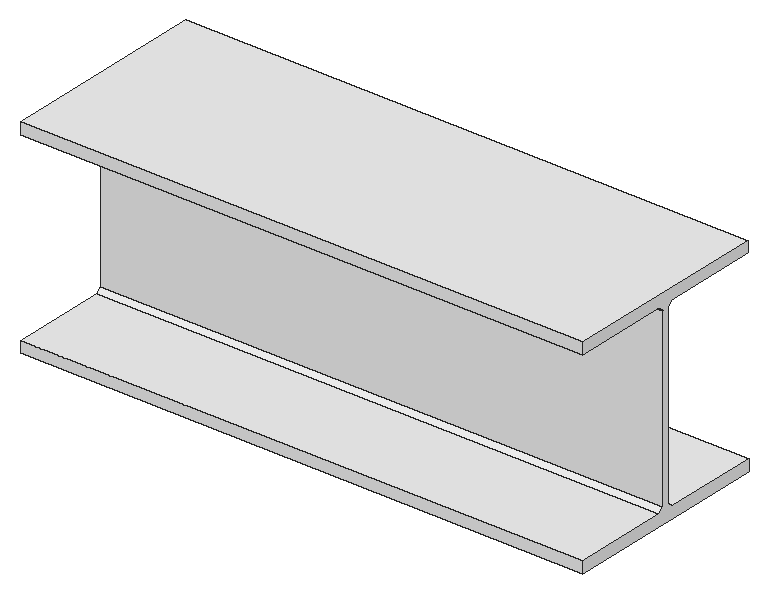
Revit family
Parameters (values of type "WWF18x152")
  Start Extension Calculation [instance] = 10' 0 1/2" + Start Extension  # 10' - 0"
  Start Extension [instance] = -0' - 0 1/2"
  End Extension Calculation [instance] = 10' 0 1/2" + End Extension  # 10' - 0"
  End Extension [instance] = -0' - 0 1/2"
  Beam Material [instance] = Metal - Steel - ASTM A572 - Grade 50
  A = 45.00 in²
  Assembly Code = "B10"
  Length [instance] = 5' - 0"
  Nominal d = "12"
  W = 152
  bf = 1' - 5 23/32"
  d = 1' - 5 23/32"
  k = 0' - 0 11/16"
  tf = 0' - 0 63/64"
  tw = 0' - 0 161/256"
Reference planes (in)
  plane 1 "Center (Front/Back)": y = 0
  plane 2: z = 0
  plane 3 "Center (Left/Right)": x = 0.1815
  plane 4 "Member Left": x = -23.8185
  plane 5 "Member Right": x = 24.1815
  plane 6: y = 8.85937
  plane 7: y = -8.85938
  plane 8 "Top": z = 8.85937
  plane 9: z = -8.85938
  plane 10 "Left": x = -29.8185
  plane 11 "Right": x = 30.1815
  plane 12: x = -23.8185
  plane 13: x = 24.1815
  plane 14: x = 96.1815
  plane 15: x = -95.8185
Forms (in)
  Sweep 1, solid, material "Metal - Steel - ASTM A572 - Grade 50" <- "Beam Material", detail levels medium
    path origin (0, 0, 0) x (1, 0, 0) y (0, 1, 0)
      loop
        line (24.1815, 0) -> (-23.8185, 0)
    profile "WWF-Wide Flange-Profile-Medium : WWF-Wide Flange-Profile-Medium" origin (0.1815, 0, 0) x (0, -1, 0) y (0, 0, 1)
      loop
        line (-8.85937, -8.85938) -> (8.85938, -8.85938) -> (8.85938, -7.875) -> (0.31445, -7.875) -> (0.31445, 7.875) -> (8.85938, 7.875) -> (8.85938, 8.85937) -> (-8.85937, 8.85937) -> (-8.85937, 7.875) -> (-0.31445, 7.875) -> (-0.31445, -7.875) -> (-8.85937, -7.875) -> (-8.85937, -8.85938)
  Sweep 2, solid, material "Metal - Steel - ASTM A572 - Grade 50" <- "Beam Material", detail levels fine
    path origin (0, 0, 0) x (1, 0, 0) y (0, 1, 0)
      loop
        line (24.1815, 0) -> (-23.8185, 0)
    profile "WWF-Wide Flange-Profile-Fine : WWF-Wide Flange-Profile-Fine" origin (0.1815, 0, 0) x (0, -1, 0) y (0, 0, 1)
      loop
        line (-8.85937, -8.85938) -> (8.85938, -8.85938) -> (8.85938, -7.875) -> (0.6875, -7.875) -> (0.31445, -7.50195) -> (0.31445, 7.50195) -> (0.6875, 7.875) -> (8.85938, 7.875) -> (8.85938, 8.85937) -> (-8.85937, 8.85937) -> (-8.85937, 7.875) -> (-0.6875, 7.875) -> (-0.31445, 7.50195) -> (-0.31445, -7.50195) -> (-0.6875, -7.875) -> (-8.85937, -7.875) -> (-8.85937, -8.85938)
Lines and regions (in)
  symbolic lines, style "Stick Symbols", detail levels coarse
    curve 1: line (0.1815, 0, -8.85938) -> (0.1815, 0, 8.85937)
    curve 2: line (0.1815, 8.85938, 8.85937) -> (0.1815, -8.85937, 8.85937)
    curve 3: line (0.1815, -8.85937, -8.85938) -> (0.1815, 8.85938, -8.85938)
  symbolic lines, style "Hidden Faces", detail levels medium+fine
    curve 4: line (-23.8185, -0.31445, 0) -> (24.1815, -0.31445, 0)
    curve 5: line (-23.8185, 0.31445, 0) -> (24.1815, 0.31445, 0)
Dimensions and locks (in)
  "bf": plane 6 to plane 7
  "d": plane 9 to plane 8 "Top"
  equal spacing: plane 9, plane 2, plane 8 "Top"
  equal spacing: plane 6, plane 1 "Center (Front/Back)", plane 7
  "Length": plane 10 "Left" to plane 11 "Right"
  "tw": curve 4 to curve 5
  equal spacing: curve 4, plane 1 "Center (Front/Back)", curve 5
  locked: plane 4 "Member Left" to plane 14 at 120
  locked: plane 15 to plane 5 "Member Right" at 120
  "Start Extension Calculation": plane 12 to plane 14
  "End Extension Calculation": plane 15 to plane 13
  aligned and locked: Sweep 1 sketch curve to plane 1 "Center (Front/Back)"
  aligned and locked: Sweep 2 sketch curve to plane 1 "Center (Front/Back)"
  aligned and locked: Sweep 2 to curve 2  (x2)
  aligned and locked: curve 2 to Sweep 2
  aligned and locked: Sweep 2 to curve 3  (x2)
  aligned and locked: curve 3 to Sweep 2
  aligned and locked: plane 12 to Sweep 2 sketch curve
  aligned and locked: plane 13 to Sweep 2 sketch curve
  aligned and locked: plane 12 to Sweep 1 sketch curve
  aligned and locked: plane 13 to Sweep 1 sketch curve
  aligned and locked: plane 12 to curve 5
  aligned and locked: plane 12 to curve 4
  aligned and locked: plane 13 to curve 5
  aligned and locked: plane 13 to curve 4
Automatic sketch dimensions
  curve 1 to plane 1 "Center (Front/Back)" = 0' - 0"
